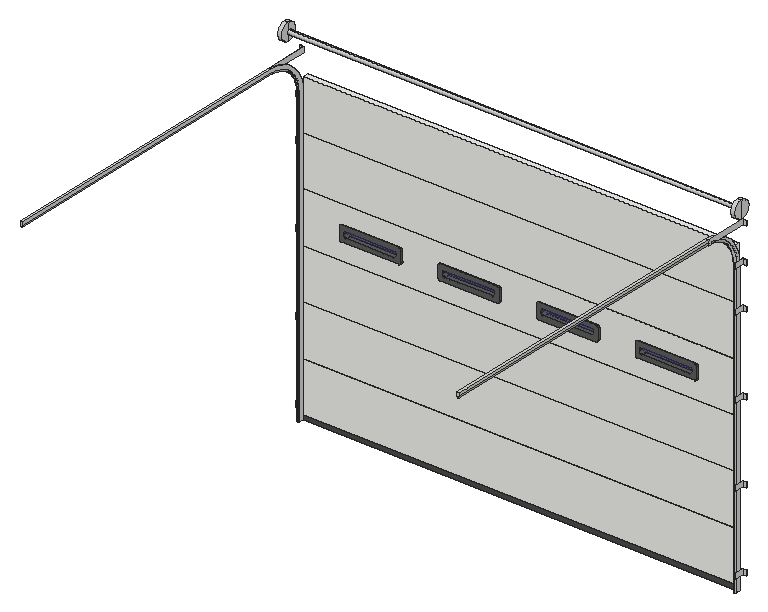
Revit family "Overhead-Sect_HAAS_Res_2400", category Doors, host Wall, Revit 2026
Family settings
  Host = Wall
  Classification Number = 23.30.10.17.37.14
  Always vertical = Yes
  Cut with Voids When Loaded = No
  Shared = No
  Room Calculation Point = No
Parameters
  rearspring = no
  Warranty Duration (Years) = 0
  Viewport Frame Finish [instance] = Finish - Trim - HAAS - Black
  Unit Width [instance] = if(Wood Jamb, Opening Width, Opening Width + 0' 2")  # 14' - 0"
  Wood Jamb [instance] = yes
  URL = "http://www.haasdoor.com/about/index.html"
  U Value = 0
  Type Comments = ""
  Track_High Lift_CHECK WITH HAAS FOR VALUE [instance] = 0' - 7"
  Track [instance] = Steel
  Thickness = 0' - 0"  # constant formula
  Test Data = ""
  Steel Jamb [instance] = not(Wood Jamb)  # no
  Standards Conformance = "as Specified"
  Specification = ""
  SpecWizard = ""
  Send Message = ""
  Sales Information = "http://www.haasdoor.com/locator/index.php"
  Rough Width = 0' - 0"  # constant formula
  Rough Height = 0' - 0"  # constant formula
  Roof Incline Default = 0.00°
  Revision = "R1_2015-11"
  Recycled Content [instance] = "as Specified"
  R-Value = 13.45
  Product Properties = ""
  Product Data = "http://www.arcat.com/arcatcos/cos32/arc32915.html"
  Panel Width [instance] = 14' - 0"
  Panel Thickness = 0' - 2"
  Panel Material_Interior [instance] = Metal - Steel - HAAS - Polar White V-Groove
  Panel Material_Inset Panel [instance] = Metal - Steel - HAAS - Polar White
  Panel Material_Exterior [instance] = Metal - Steel - HAAS - Polar White
  Panel Height [instance] = if(1 = 1, Opening Height, 0' 0")  # 10' - 0"
  Overhead Sectional Style [instance] = Door_Overhead-Sectional-Panel_Haas_No-Inset-Panels : Design B
  Operation = "Overhead Sectional"
  Opening Width [instance] = 14' - 0"
  Opening Height [instance] = 10' - 0"
  Track Type [instance] = Tracks_Standard-Lift : Tracks_Standard-Lift
  Model = ""
  Max Width = 0' - 0"
  Max Height = 0' - 0"
  Manufacturer Website = "http://www.haasdoor.com/about/index.html"
  Manufacturer Phone - Toll Free = ""
  Manufacturer Phone = "419-337-9900"
  Manufacturer Fax = "800-874-4227"
  Manufacturer Address = "320 Sycamore Rd. Wauseon, OH 43567"
  Manufacturer = "Haas Door Co."
  Maintenance Schedule (Months) = 0
  Keynote = "08360"
  Interior Skin = "as Specified"
  Installation-Fabrication = ""
  Installation Phase = ""
  Green Building-LEED = ""
  Viewport Glazing [instance] = Glass
  Function = 1
  Height = 0' - 0"  # constant formula
  Wall Closure = (empty or 0)
  Width = 0' - 0"  # constant formula
  Fire Rating = ""
  Exterior Skin = "as Specified"
  Expected Lifespan (Years) = 0
  End Stile Type = "as Specified"
  Drawn By = "Sumex Design, Inc."
  Description = "Haas Residential Overhead Sectional Door - 2400 Series"
  Cost = 0
  Copyright = "©Arcat Inc."  # constant formula
  Construction Type = ""
  Construction Details = ""
  Building Codes = ""
  Bottom Seal Color [instance] = Finish - Weather Seal - HAAS - Black
  Assembly Code = "B2030410"
  AAMA Designation = "as Specified"
  3in Track [instance] = not([2in Track])  # no
  2in Track [instance] = yes
Reference planes (in)
  plane 1 "Center (Front/Back)": y = 0
  plane 2 "Center (Left/Right)": x = 0
  plane 3 "Left": x = -84
  plane 4 "Right": x = 84
  plane 5 "Top": z = 120
  plane 6 "Exterior": y = 3
  plane 7 "Interior": y = -3
  plane 8: z = 2
  plane 9 "Back of Panel": y = -5
  plane 10: y = -4
  plane 11 "Track": y = -4.625
Lines and regions (in)
  Opening 1
    outline origin (-90, -3, 0) x (1, 0, 0) y (0, 0, 1)
      loop
        line (6, 0) -> (174, 0) -> (174, 120) -> (6, 120) -> (6, 0)
Text (in)
  text "Exterior" at (-74.96733, 27.31104, 0), in view "Ref. Level"
  text "Interior" at (-74.96733, -25.14366, 0), in view "Ref. Level"
  text "Exterior" at (0, 40.15149, 123.01588), in view "Right"
  text "Interior" at (0, -64.39139, 123.01588), in view "Right"
  text "Interior" at (0, -31.01599, 123.00693), in view "Left"
  text "Exterior" at (0, 54.57065, 123.00693), in view "Left"
Dimensions and locks (in)
  equal spacing: plane 3 "Left", plane 2 "Center (Left/Right)", plane 4 "Right"
  "Opening Height": level to plane 5 "Top"
  "Opening Width": plane 3 "Left" to plane 4 "Right"
  plane 8 to level = 0' - 2"
  plane 3 "Left" to plane 4 "Right" = 14' - 0"
  "Panel Thickness": plane 9 "Back of Panel" to plane 7 "Interior"
  equal spacing: plane 9 "Back of Panel", plane 10, plane 7 "Interior"
  locked: plane 11 "Track" to plane 7 "Interior" at 1.625
  aligned and locked: plane 3 "Left" to Opening 1 sketch curve
  aligned and locked: plane 5 "Top" to Opening 1 sketch curve
  aligned and locked: Opening 1 sketch curve to plane 5 "Top"
  aligned and locked: Opening 1 sketch curve to plane 4 "Right"
  aligned and locked: Opening 1 sketch curve to level
  aligned and locked: plane 6 "Exterior" to host wall
  aligned and locked: plane 7 "Interior" to host wall
  aligned and locked: nested 1 to plane 2 "Center (Left/Right)"
  aligned and locked: level to nested 1
  aligned and locked: nested 1 to plane 11 "Track"
  aligned and locked: nested 2 to plane 2 "Center (Left/Right)"
  aligned and locked: plane 10 to nested 2
Nested families (in)
  nested 1: "Tracks_Standard-Lift" at (0, -5.625, 0), Unit Width <- "Unit Width", Opening Height <- "Opening Height", Track <- "Track", Wood Jamb <- "Wood Jamb", 2in Track <- "2in Track", type <- "Track Type", High Lift Height <- "Track_High Lift_CHECK WITH HAAS FOR VALUE", Door Height <- "Panel Height", Rear Mount Spring <- "rearspring", Roof Incline <- "Roof Incline Default", type "Tracks_Standard-Lift"
    with trackradinsetv 0' - 0", trackradinseth 0' - 0", sideroomint 0' - 1 5/8", roofpitchheight 0' - 0", offsettrackradv 1' - 2.73821", offsettrackradh 1' - 2.99772", offset 0' - 0", highliftcalc 0' - 8", breakoutrun 1, breakoutrise 12, breakawaylength 0' - 0", breakaway angle 1.00°, Wood Jamb yes, Unit Width 14' - 0", Unit Depth 0' - 2", Track Radius 1' - 3", Track Offset from Door Edge 0' - 0 1/2", Track Steel, Steel Jamb no, Standard Spring Location yes, Sideroom_Spring 0' - 3", Sideroom_Jambs 0' - 3", Roof Incline 0.00°, Rear Mount Spring no, Opening Width 14' - 0", Opening Height 10' - 0", High Lift Height 0' - 7", Headroom Clearance 1' - 7", Door Height 10' - 0", Breakaway Start 0' - 8", Back Depth 11' - 6", 3in Track no, 2in Track yes, 1 in 12 Breakout yes, 1 5 in 12 Breakout no
  nested 2: "Door_Overhead-Sectional-Panel_Haas_No-Inset-Panels" at (0, -4, 0) x (-1, 0, 0) z (0, 0, 1), Viewport Finish <- "Viewport Frame Finish", Panel Material_Interior <- "Panel Material_Interior", Panel Material_Inset Panel <- "Panel Material_Inset Panel", Panel Material_Exterior <- "Panel Material_Exterior", Viewport Glazing <- "Viewport Glazing", Bottom Seal Color <- "Bottom Seal Color", Panel Width <- "Panel Width", Panel Thickness <- "Panel Thickness", Panel Height <- "Panel Height", type <- "Overhead Sectional Style", type "Design B"
    with Viewport Glazing Glass, Viewport Finish Finish - Trim - HAAS - Black, Unit Width 14' - 0", Unit Height 1' - 7.66667", Panel Width 14' - 0", Panel Thickness 0' - 2", Panel Material_Interior Metal - Steel - HAAS - Polar White V-Groove, Panel Material_Inset Panel Metal - Steel - HAAS - Polar White, Panel Material_Exterior Metal - Steel - HAAS - Polar White, Panel Height 10' - 0", Panel 9 Vis no, Panel 9 Control 0' - 0", Panel 8 Vis no, Panel 8 Control 0' - 0", Panel 7 Vis no, Panel 7 Control 0' - 0", Panel 6 Vis yes, Panel 6 Control 1' - 7.66667", Panel 5 Vis yes, Panel 5 Control 1' - 7.66667", Panel 4 Vis yes, Panel 4 Control 1' - 7.66667", Panel 3 Vis yes, Panel 3 Control 1' - 7.66667", Panel 2 Vis yes, Panel 2 Control 1' - 7.66667", Panel 10 Vis no, Panel 10 Control 0' - 0", Panel 1 Vis yes, Bottom Seal Color Finish - Weather Seal - HAAS - Black
Definition of nested family "Tracks_Standard-Lift"
  Parameters
    trackradinsetv [instance] = Track Radius - (Track Radius * cos(Roof Incline))  # 0' - 0"
    trackradinseth [instance] = Track Radius * sin(Roof Incline)  # 0' - 0"
    sideroomint [instance] = if(Steel Jamb, 0' 3", 0' 1 5/8")  # 0' - 1 5/8"
    roofpitchheight [instance] = (Back Depth) * tan(Roof Incline)  # 0' - 0"
    offsettrackradv [instance] = Track Radius - (Track Radius * sin(breakaway angle))  # 1' - 2.73821"
    offsettrackradh [instance] = Track Radius * cos(breakaway angle)  # 1' - 2.99772"
    offset [instance] = 0' - 0"  # constant formula
    breakoutrun [instance] = if([1 in 12 Breakout], 1, 1.5)  # 1
    breakoutrise [instance] = 12  # constant formula
    breakawaylength [instance] = (Breakaway Start + High Lift Height - Track Radius) / tan(90.00° - breakaway angle)  # 0' - 0.26183"
    breakaway angle [instance] = 1.00°  # constant formula
    Wood Jamb [instance] = yes
    Unit Width [instance] = 8' - 0"
    Unit Depth [instance] = if([2in Track], 0' 2", if([3in Track], 0' 3", 0' 2"))  # 0' - 3"
    URL = ""
    Track Radius [instance] = 1' - 3"
    Track [instance] = none
    Steel Jamb [instance] = not(Wood Jamb)  # no
    Standard Spring Location [instance] = yes
    Specification = ""
    SpecWizard = ""
    Track Offset from Door Edge [instance] = 0' - 0 1/2"
    Sideroom_Spring [instance] = 0' - 3"  # constant formula
    Sideroom_Jambs [instance] = 0' - 3"  # constant formula
    Sales Information = ""
    Roof Incline [instance] = 0.00°
    Revision = ""
    Rear Mount Spring [instance] = yes
    Product Properties = ""
    Product Data = ""
    Opening Width [instance] = if(Wood Jamb, Unit Width, Unit Width - 0' 1")  # 8' - 0"
    Opening Height [instance] = 8' - 0"
    Model = "As Specified"
    Manufacturer = ""
    Keynote = ""
    Installation-Fabrication = ""
    highliftcalc [instance] = if(Headroom Clearance < 5' 4 3/256", Headroom Clearance - 0' 11", if(and(Headroom Clearance > 5' 4", Headroom Clearance < 11' 1 3/256"), Headroom Clearance - 1' 1", if(and(Headroom Clearance > 11' 1", Headroom Clearance < 15' 0 3/256"), Headroom Clearance - 1' 5", 1' 0")))  # 1' - 11"
    High Lift Height [instance] = 1' - 10"
    Headroom Clearance [instance] = High Lift Height + 1' 0"  # 2' - 10"
    Green Building-LEED = ""
    Drawn By = "Sumex Design, Inc. / Robert S. Weygant, CSI, CDT, SCIP"
    Door Height [instance] = 8' - 0"
    Description = ""
    Default Elevation = 0' - 0"  # constant formula
    Copyright = "©Arcat Inc."
    Construction Details = ""
    Breakaway Start [instance] = if([1 in 12 Breakout], 0' 8", if([1 5 in 12 Breakout], 1' 2", 1' 0"))  # 0' - 8"
    Back Depth [instance] = Door Height + 1' 6"  # 9' - 6"
    Assembly Code = ""
    3in Track [instance] = not([2in Track])  # yes
    2in Track [instance] = no
    1 in 12 Breakout [instance] = yes
    1 5 in 12 Breakout [instance] = not([1 in 12 Breakout])  # no
  Reference planes (in)
    plane 1 "Center (Front/Back)": y = 0
    plane 2 "Bottom": z = 0
    plane 3 "Center (Left/Right)": x = 0
    plane 4 "Front": y = -1.5
    plane 5 "Back": y = 1.5
    plane 6 "Left": x = -48
    plane 7 "Right": x = 48
    plane 8 "Top": z = 121
    plane 9: z = 96
    plane 10: x = -48
    plane 11: x = 48
    plane 12: z = 130
    plane 13: y = -110.875
    plane 14: y = -13.49772
    plane 15: z = 106.26179
    plane 16 "Origin": y = 3.125
    plane 17: z = 74
    plane 18: z = 51.33333
    plane 19: z = 28.66667
    plane 20: z = 6
    plane 21: z = 97.13089
    plane 22: x = 51
    plane 23: x = -51
    plane 24 "Drum CL": y = -1.875
    plane 25: z = 106
    plane 26: z = 118
    plane 27: y = -13.49772
    plane 28: z = 121
    plane 29: x = -49.625
    plane 30: x = 49.625
  Forms (in)
    Extrusion 1, solid, material <- "Track", visible <- "Wood Jamb"
      sketch origin (0, 0, 0) x (1, 0, 0) y (0, 1, 0)
        loop
          line (-49.5, -13.49772) -> (-49.5, 3.125) -> (-51, 3.125) -> (-51, 3) -> (-49.625, 3) -> (-49.625, -13.49772) -> (-49.5, -13.49772)
        loop
          line (49.5, -13.49772) -> (49.625, -13.49772) -> (49.625, 3) -> (51, 3) -> (51, 3.125) -> (49.5, 3.125) -> (49.5, -13.49772)
      from 0 to 121
    Extrusion 2, void
      sketch origin (0, 0, 0) x (0, 1, 0) y (0, 0, 1)
        loop
          line (-1.5, 5) -> (-1.5, 7) -> (3.125, 7) -> (3.125, 27.66667) -> (-1.5, 27.66667) -> (-1.5, 29.66667) -> (3.125, 29.66667) -> (3.125, 50.33333) -> (-1.5, 50.33333) -> (-1.5, 52.33333) -> (3.125, 52.33333) -> (3.125, 73) -> (-1.5, 73) -> (-1.5, 75) -> (3.125, 75) -> (3.125, 105.26179) -> (-1.5, 105.26179) -> (-1.5, 107.26179) -> (3.125, 107.26179) -> (3.125, 119) -> (-13.49772, 119) -> (-13.49772, 0) -> (3.125, 0) -> (3.125, 5) -> (-1.5, 5)
      from -51 to 51
    Extrusion 3, solid, material <- "Track", visible <- "Steel Jamb"
      sketch origin (0, 0, 0) x (1, 0, 0) y (0, 1, 0)
        loop
          line (-51, 3.125) -> (-51, -13.49772) -> (-50.875, -13.49772) -> (-50.875, 3) -> (-48.375, 3) -> (-48.375, 3.125) -> (-51, 3.125)
        loop
          line (51, 3.125) -> (48.375, 3.125) -> (48.375, 3) -> (50.875, 3) -> (50.875, -13.49772) -> (51, -13.49772) -> (51, 3.125)
      from 0 to 121
    Revolve 4, solid, material <- "Track"
      sketch origin (0, -1.875, 0) x (0, 0, -1) y (1, 0, 0)
        loop
          line (-130, -53) -> (-126.75, -53) -> (-126.75, 53) -> (-130, 53) -> (-130, 51.5) -> (-127.5, 51.5) -> (-127.5, -51.5) -> (-130, -51.5) -> (-130, -53)
        axis (-126.75, 53) -> (-126.75, -53)
      angle from 0 to 360
    Sweep 5, solid, material <- "Track"
      path origin (0, 0, 0) x (0, 1, 0) y (0, 0, 1)
        loop
          line (1.5, 0) -> (1.5, 106.26179)
          arc (1.5, 106.26179) -> (-2.98408, 116.69876) -> (-13.49772, 121) r 15
          line (-13.49772, 121) -> (-110.875, 121)
      profile origin (0, -62.18636, 121) x (0, 0, -1) y (1, 0, 0)
        loop
          line (2.62111, -48.5) -> (0, -48.5) -> (0, -49.5) -> (2.25, -49.5)
          arc (2.25, -49.5) -> (2.68414, -49.38263) -> (3, -49.0625) r 0.86161
          line (3, -49.0625) -> (3, -48.71875) -> (2.62111, -48.5)
    Sweep 6, solid, material <- "Track"
      path origin (0, 0, 0) x (0, 1, 0) y (0, 0, 1)
        loop
          line (1.5, 0) -> (1.5, 106.26179)
          arc (1.5, 106.26179) -> (-2.98408, 116.69876) -> (-13.49772, 121) r 15
          line (-13.49772, 121) -> (-110.875, 121)
      profile origin (0, -62.18636, 121) x (0, 0, -1) y (1, 0, 0)
        loop
          line (0, 49.5) -> (0, 48.5) -> (2.62111, 48.5) -> (3, 48.71875) -> (3, 49.0625)
          arc (3, 49.0625) -> (2.68414, 49.38263) -> (2.25, 49.5) r 0.86161
          line (2.25, 49.5) -> (0, 49.5)
  Cuts and joins
    Extrusion 2 cuts Extrusion 1
    Extrusion 2 cuts Extrusion 3
  Lines and regions (in)
    reference lines
      curve 1: arc (0, 0.25, 112.00003) -> (0, -5.28189, 118.54991) -> (0, -13.49772, 121) r 15
      curve 2: line (0, -13.49772, 121) -> (0, -110.875, 121)
  Text (in)
    text "OPENING" at (0, 24.81124, 52.10269), in view "Right"
    text "STANDARD LIFT" at (0, 24.81124, 118.55424), in view "Right"
  Dimensions and locks (in)
    equal spacing: plane 6 "Left", plane 3 "Center (Left/Right)", plane 7 "Right"
    "Unit Width": plane 6 "Left" to plane 7 "Right"
    equal spacing: plane 5 "Back", plane 1 "Center (Front/Back)", plane 4 "Front"
    "Unit Depth": plane 5 "Back" to plane 4 "Front"
    equal spacing: plane 10, plane 3 "Center (Left/Right)", plane 11
    "Opening Width": plane 10 to plane 11
    "Headroom Clearance": plane 12 to plane 9
    "Back Depth": plane 13 to plane 16 "Origin"
    "offsettrackradv": plane 8 "Top" to plane 15
    locked: plane 16 "Origin" to plane 5 "Back" at 1.625
    "Sideroom_Jambs": Extrusion 1 sketch curve to plane 10
    "Sideroom_Jambs": plane 11 to Extrusion 1 sketch curve
    locked: plane 20 to level at 6
    equal spacing: plane 17, plane 18, plane 19, plane 20
    Extrusion 2 sketch curve to plane 20 to Extrusion 2 sketch curve = 0' - 1" locked, 0' - 1" locked
    Extrusion 2 sketch curve to plane 19 to Extrusion 2 sketch curve = 0' - 1" locked, 0' - 1" locked
    Extrusion 2 sketch curve to plane 18 to Extrusion 2 sketch curve = 0' - 1" locked, 0' - 1" locked
    Extrusion 2 sketch curve to plane 17 to Extrusion 2 sketch curve = 0' - 1" locked, 0' - 1" locked
    Extrusion 2 sketch curve to plane 15 to Extrusion 2 sketch curve = 0' - 1" locked, 0' - 1" locked
    "Sideroom_Spring": plane 23 to plane 10
    "Sideroom_Spring": plane 11 to plane 22
    locked: Extrusion 3 sketch curve to plane 10 at 0.375
    locked: plane 11 to Extrusion 3 sketch curve at 0.375
    locked: plane 24 "Drum CL" to plane 16 "Origin" at 5
    locked: Revolve 4 sketch curve to plane 10 at 5
    locked: plane 11 to Revolve 4 sketch curve at 5
    locked: Revolve 4 sketch curve to Revolve 4 sketch curve at 1.5  (x2)
    locked: Revolve 4 sketch curve to Revolve 4 sketch curve at 0.75
    locked: Revolve 4 sketch curve to Revolve 4 sketch curve at 3.25  (x2)
    locked: Extrusion 1 sketch curve to Extrusion 1 sketch curve at 0.125
    "Opening Height": plane 9 to level
    "Track Radius": plane 8 "Top" to plane 25
    "High Lift Height": plane 26 to plane 9
    "Unit Depth": plane 8 "Top" to plane 26
    "offsettrackradh": plane 14 to plane 5 "Back"
    "trackradinseth": plane 14 to plane 27
    "trackradinsetv": plane 8 "Top" to plane 28
    "Unit Depth": Sweep 5 sketch curve to Sweep 5 sketch curve
    locked: plane 8 "Top" to Extrusion 2 sketch curve at 2
    "Unit Depth": Sweep 6 sketch curve to Sweep 6 sketch curve
    Extrusion 1 sketch curve to Extrusion 1 sketch curve to plane 10 = 0' - 0 1/8" locked, 0' - 1 1/2" locked
    equal spacing: Sweep 5 sketch curve, Sweep 5 sketch curve, Sweep 5 sketch curve, Sweep 5 sketch curve, plane 10
    equal spacing: plane 11, Sweep 6 sketch curve, Sweep 6 sketch curve, Sweep 6 sketch curve, Sweep 6 sketch curve
    "sideroomint": plane 29 to plane 10
    plane 29 to Sweep 5 sketch curve to Sweep 5 sketch curve to Sweep 5 sketch curve to Sweep 5 sketch curve = 0' - 0 1/8" locked, 0' - 0 7/16" locked, 0' - 0 11/32" locked, 0' - 0 7/32" locked
    "Sideroom_Jambs": Extrusion 3 sketch curve to plane 10
    locked: Extrusion 3 sketch curve to Extrusion 3 sketch curve at 0.125  (x2)
    "Sideroom_Jambs": plane 11 to Extrusion 3 sketch curve
    locked: plane 11 to Extrusion 1 sketch curve at 1.5
    "sideroomint": plane 11 to plane 30
    Sweep 6 sketch curve to Sweep 6 sketch curve to Sweep 6 sketch curve to Sweep 6 sketch curve to plane 30 = 0' - 0 7/32" locked, 0' - 0 11/32" locked, 0' - 0 7/16" locked, 0' - 0 1/8" locked
    locked: Revolve 4 sketch curve to plane 26 at 8.75
    locked: plane 9 to plane 17 at 22
    "Track Radius": radius of curve 1
    "Track Radius": radius of Sweep 6 sketch curve
    "Roof Incline": angle curve 2 to plane 28
    "Roof Incline": angle Sweep 5 sketch curve to plane 28
    "Roof Incline": angle Sweep 6 sketch curve to plane 28
    aligned and locked: plane 14 to Extrusion 1 sketch curve
    aligned and locked: Extrusion 1 sketch curve to plane 14
    aligned and locked: Extrusion 2 sketch curve to plane 14
    aligned and locked: Extrusion 2 sketch curve to plane 16 "Origin"
    aligned and locked: plane 4 "Front" to Extrusion 2 sketch curve  (x4)
    aligned and locked: Extrusion 2 sketch curve to plane 4 "Front"
    aligned and locked: plane 23 to Extrusion 2
    aligned and locked: Extrusion 2 to plane 22
    aligned and locked: Extrusion 3 sketch curve to plane 14
    aligned and locked: plane 14 to Extrusion 3 sketch curve
    aligned and locked: Revolve 4 sketch curve to Revolve 4 sketch curve
    aligned and locked: plane 27 to curve 1
    aligned and locked: plane 25 to curve 1
    aligned and locked: plane 14 to curve 1
    aligned and locked: plane 13 to curve 2
    aligned and locked: Sweep 5 sketch curve to curve 1
    aligned and locked: plane 13 to Sweep 5 sketch curve
    aligned and locked: plane 27 to Sweep 5 sketch curve
    aligned and locked: plane 8 "Top" to Extrusion 3
    aligned and locked: plane 8 "Top" to Extrusion 1
    aligned and locked: plane 13 to Sweep 6 sketch curve
    aligned and locked: plane 15 to Sweep 5 sketch curve
    aligned and locked: plane 27 to Sweep 6 sketch curve
    aligned and locked: plane 28 to Sweep 6 sketch curve
    aligned and locked: plane 15 to Sweep 6 sketch curve
    aligned and locked: plane 5 "Back" to Sweep 6 sketch curve
  Automatic sketch dimensions
    Extrusion 1 sketch curve to plane 16 "Origin" = 0' - 0"  (x2)
    Extrusion 1 sketch curve to plane 16 "Origin" = 0' - 0 1/8"  (x2)
    Extrusion 3 sketch curve to plane 16 "Origin" = 0' - 0"  (x2)
    Extrusion 3 sketch curve to plane 16 "Origin" = 0' - 0 1/8"  (x2)
    Revolve 4 sketch curve to Revolve 4 sketch curve = 0' - 0"
    Revolve 4 sketch curve to Revolve 4 sketch curve = 0' - 3"
    Sweep 5 sketch curve to level = 0' - 0"
    Sweep 5 sketch curve to profile plane = 0' - 0"
    Sweep 5 sketch curve to Sweep 5 sketch curve = 0' - 0.37111"
    Sweep 5 sketch curve to Sweep 5 sketch curve = 0' - 0.13839"
    Sweep 6 sketch curve to profile plane = 0' - 0"
    Sweep 6 sketch curve to Sweep 6 sketch curve = 0' - 0.37111"
    Sweep 6 sketch curve to Sweep 6 sketch curve = 0' - 0.13839"
    curve 1 to plane 1 "Center (Front/Back)" = 0' - 0 1/4"
    Sweep 6 sketch curve to level = 0' - 0"
    Extrusion 2 sketch curve to plane 16 "Origin" = 0' - 0"  (x5)
    Extrusion 2 sketch curve to level = 0' - 0"
Definition of nested family "Door_Overhead-Sectional-Panel_Haas_No-Inset-Panels"
  Parameters
    Width = 10' - 0"
    Viewport Finish [instance] = none
    Unit Width [instance] = Panel Width  # 10' - 0"
    Unit Height [instance] = if(Number Panels > 3, ((Panel Height - 0' 2") / Number Panels), ((Panel Height - 0' 2") / 4))  # 1' - 7.66667"
    Thickness = 0' - 3"
    Section Type_Row 10 = HAAS_Section_Flush : Standard
    Section Type_Row 9 = HAAS_Section_Flush : Standard
    Section Type_Row 8 = HAAS_Section_Flush : Standard
    Section Type_Row 7 = HAAS_Section_Flush : Standard
    Section Type_Row 6 = HAAS_Section_Flush : Standard
    Section Type_Row 5 = HAAS_Section_Flush : Standard
    Section Type_Row 4 = HAAS_Section_Flush : Standard
    Section Type_Row 3 = HAAS_Section_Flush : Standard
    Section Type_Row 2 = HAAS_Section_Flush : Standard
    Section Type_Row 1 = HAAS_Section_Flush : Standard
    Panel Width [instance] = 10' - 0"
    Panel Thickness [instance] = 0' - 3"
    Panel Material_Interior [instance] = none
    Panel Material_Inset Panel [instance] = none
    Panel Material_Exterior [instance] = none
    Panel Height [instance] = 10' - 0"
    Panel 9 Vis [instance] = Number Panels > 8  # no
    Panel 9 Control [instance] = if(Panel 9 Vis, Unit Height, 0' 0")  # 0' - 0"
    Panel 8 Vis [instance] = Number Panels > 7  # no
    Panel 8 Control [instance] = if(Panel 8 Vis, Unit Height, 0' 0")  # 0' - 0"
    Panel 7 Vis [instance] = Number Panels > 6  # no
    Panel 7 Control [instance] = if(Panel 7 Vis, Unit Height, 0' 0")  # 0' - 0"
    Panel 6 Vis [instance] = Number Panels > 5  # yes
    Panel 6 Control [instance] = if(Panel 6 Vis, Unit Height, 0' 0")  # 1' - 7.66667"
    Panel 5 Vis [instance] = Number Panels > 4  # yes
    Panel 5 Control [instance] = if(Panel 5 Vis, Unit Height, 0' 0")  # 1' - 7.66667"
    Panel 4 Vis [instance] = Number Panels > 3  # yes
    Panel 4 Control [instance] = if(Panel 4 Vis, Unit Height, 0' 0")  # 1' - 7.66667"
    Panel 3 Vis [instance] = Number Panels > 2  # yes
    Panel 3 Control [instance] = if(Panel 3 Vis, Unit Height, 0' 0")  # 1' - 7.66667"
    Panel 2 Vis [instance] = Number Panels > 1  # yes
    Panel 2 Control [instance] = if(Panel 2 Vis, Unit Height, 0' 0")  # 1' - 7.66667"
    Panel 10 Vis [instance] = Number Panels > 9  # no
    Panel 10 Control [instance] = if(Panel 10 Vis, Unit Height, 0' 0")  # 0' - 0"
    Panel 1 Vis [instance] = Number Panels > 0  # yes
    Number Panels = 6
    Viewport Glazing [instance] = none
    Height = 8' - 0"
    End Stile Width_CONTACT HAAS FOR VALUE = 0' - 0"
    Default Elevation = 4' - 0"
    Bottom Seal Color [instance] = none
  Reference planes (in)
    plane 1 "Center (Front/Back)": y = 0
    plane 2: z = 0
    plane 3 "Center (Left/Right)": x = 0
    plane 4 "Left": x = -60
    plane 5 "Right": x = 60
    plane 6 "Back": y = 1.5
    plane 7 "Front": y = -1.5
    plane 8 "1T": z = 21.66667
    plane 9 "1B": z = 2
    plane 10: z = 41.33333
    plane 11 "2B": z = 21.66667
    plane 12: z = 61
    plane 13 "3B": z = 41.33333
    plane 14: z = 80.66667
    plane 15 "4B": z = 61
    plane 16: z = 100.33333
    plane 17 "5B": z = 80.66667
    plane 18: z = 120
    plane 19 "6B": z = 100.33333
    plane 20: z = 120
    plane 21 "7B": z = 100.33333
    plane 22: z = 120
    plane 23 "8B": z = 100.33333
    plane 24: z = 120
    plane 25 "9B": z = 100.33333
    plane 26: z = 120
    plane 27 "10B": z = 100.33333
  Forms (in)
    Extrusion 1, solid, material <- "Bottom Seal Color"
      sketch origin (0, 0, 0) x (0, 1, 0) y (0, 0, 1)
        loop
          line (-1.375, 2) -> (-1.375, 0) -> (1.375, 0) -> (1.375, 2) -> (-1.375, 2)
      from -60 to 60
  Dimensions and locks (in)
    equal spacing: plane 4 "Left", plane 3 "Center (Left/Right)", plane 5 "Right"
    "Panel Width": plane 4 "Left" to plane 5 "Right"
    equal spacing: plane 6 "Back", plane 1 "Center (Front/Back)", plane 7 "Front"
    "Panel Thickness": plane 6 "Back" to plane 7 "Front"
    "Unit Height": plane 8 "1T" to plane 9 "1B"
    "Unit Height": plane 10 to plane 11 "2B"
    "Unit Height": plane 12 to plane 13 "3B"
    "Unit Height": plane 14 to plane 15 "4B"
    "Unit Height": plane 16 to plane 17 "5B"
    "Unit Height": plane 18 to plane 19 "6B"
    "Unit Height": plane 20 to plane 21 "7B"
    "Unit Height": plane 22 to plane 23 "8B"
    "Unit Height": plane 24 to plane 25 "9B"
    "Unit Height": plane 26 to plane 27 "10B"
    locked: plane 9 "1B" to level at 2
    "Panel 2 Control": plane 11 "2B" to plane 9 "1B"
    "Panel 3 Control": plane 13 "3B" to plane 11 "2B"
    "Panel 4 Control": plane 15 "4B" to plane 13 "3B"
    "Panel 5 Control": plane 17 "5B" to plane 15 "4B"
    "Panel 6 Control": plane 19 "6B" to plane 17 "5B"
    "Panel 7 Control": plane 21 "7B" to plane 19 "6B"
    "Panel 8 Control": plane 23 "8B" to plane 21 "7B"
    "Panel 9 Control": plane 25 "9B" to plane 23 "8B"
    "Panel 10 Control": plane 27 "10B" to plane 25 "9B"
    locked: Extrusion 1 sketch curve to plane 6 "Back" at 0.125
    locked: plane 7 "Front" to Extrusion 1 sketch curve at 0.125
    aligned and locked: plane 2 to level
    aligned and locked: plane 3 "Center (Left/Right)" to nested 1
    aligned and locked: plane 3 "Center (Left/Right)" to nested 2
    aligned and locked: plane 3 "Center (Left/Right)" to nested 3
    aligned and locked: plane 3 "Center (Left/Right)" to nested 4
    aligned and locked: plane 3 "Center (Left/Right)" to nested 5
    aligned and locked: plane 3 "Center (Left/Right)" to nested 6
    aligned and locked: plane 3 "Center (Left/Right)" to nested 7
    aligned and locked: plane 3 "Center (Left/Right)" to nested 8
    aligned and locked: plane 3 "Center (Left/Right)" to nested 9
    aligned and locked: plane 3 "Center (Left/Right)" to nested 10
    aligned and locked: plane 1 "Center (Front/Back)" to nested 1
    aligned and locked: plane 1 "Center (Front/Back)" to nested 2
    aligned and locked: plane 1 "Center (Front/Back)" to nested 3
    aligned and locked: plane 1 "Center (Front/Back)" to nested 4
    aligned and locked: nested 5 to plane 1 "Center (Front/Back)"
    aligned and locked: nested 6 to plane 1 "Center (Front/Back)"
    aligned and locked: nested 7 to plane 1 "Center (Front/Back)"
    aligned and locked: nested 8 to plane 1 "Center (Front/Back)"
    aligned and locked: nested 9 to plane 1 "Center (Front/Back)"
    aligned and locked: nested 10 to plane 1 "Center (Front/Back)"
    aligned and locked: plane 5 "Right" to Extrusion 1
    aligned and locked: Extrusion 1 to plane 4 "Left"
  Automatic sketch dimensions
    Extrusion 1 sketch curve to level = 0' - 0"
    Extrusion 1 sketch curve to plane 9 "1B" = 0' - 0"
  Nested families (in)
    nested 1: "HAAS_Section_Flush" at (0, 0, 2), type <- "Section Type_Row 1", visible <- "Panel 1 Vis", Unit Width <- "Unit Width", Unit Height <- "Unit Height", Viewport Glazing <- "Viewport Glazing", Viewport Finish <- "Viewport Finish", Panel Material_Interior <- "Panel Material_Interior", Panel Material_Inset Panel <- "Panel Material_Inset Panel", Panel Material_Exterior <- "Panel Material_Exterior", Unit Depth <- "Panel Thickness", type "Standard"
      with Viewport Glazing none, Viewport Finish none, Unit Width 10' - 0", Unit Height 1' - 7.66667", Unit Depth 0' - 3", Panel Material_Interior none, Panel Material_Inset Panel none, Panel Material_Exterior none
    nested 2: "HAAS_Section_Flush" at (0, 0, 21.66667), type <- "Section Type_Row 2", visible <- "Panel 2 Vis", Unit Width <- "Unit Width", Unit Height <- "Unit Height", Viewport Glazing <- "Viewport Glazing", Viewport Finish <- "Viewport Finish", Panel Material_Interior <- "Panel Material_Interior", Panel Material_Inset Panel <- "Panel Material_Inset Panel", Panel Material_Exterior <- "Panel Material_Exterior", Unit Depth <- "Panel Thickness", type "Standard"
      with Viewport Glazing none, Viewport Finish none, Unit Width 10' - 0", Unit Height 1' - 7.66667", Unit Depth 0' - 3", Panel Material_Interior none, Panel Material_Inset Panel none, Panel Material_Exterior none
    nested 3: "HAAS_Section_Flush" at (0, 0, 41.33333), type <- "Section Type_Row 3", visible <- "Panel 3 Vis", Unit Width <- "Unit Width", Unit Height <- "Unit Height", Viewport Glazing <- "Viewport Glazing", Viewport Finish <- "Viewport Finish", Panel Material_Interior <- "Panel Material_Interior", Panel Material_Inset Panel <- "Panel Material_Inset Panel", Panel Material_Exterior <- "Panel Material_Exterior", Unit Depth <- "Panel Thickness", type "Standard"
      with Viewport Glazing none, Viewport Finish none, Unit Width 10' - 0", Unit Height 1' - 7.66667", Unit Depth 0' - 3", Panel Material_Interior none, Panel Material_Inset Panel none, Panel Material_Exterior none
    nested 4: "HAAS_Section_Flush" at (0, 0, 61), visible <- "Panel 4 Vis", Unit Width <- "Unit Width", Unit Height <- "Unit Height", Viewport Glazing <- "Viewport Glazing", Viewport Finish <- "Viewport Finish", Panel Material_Interior <- "Panel Material_Interior", Panel Material_Inset Panel <- "Panel Material_Inset Panel", Panel Material_Exterior <- "Panel Material_Exterior", type <- "Section Type_Row 4", Unit Depth <- "Panel Thickness", type "Standard"
      with Viewport Glazing none, Viewport Finish none, Unit Width 10' - 0", Unit Height 1' - 7.66667", Unit Depth 0' - 3", Panel Material_Interior none, Panel Material_Inset Panel none, Panel Material_Exterior none
    nested 5: "HAAS_Section_Flush" at (0, 0, 80.66667), type <- "Section Type_Row 5", visible <- "Panel 5 Vis", Unit Width <- "Unit Width", Unit Height <- "Unit Height", Viewport Glazing <- "Viewport Glazing", Viewport Finish <- "Viewport Finish", Panel Material_Interior <- "Panel Material_Interior", Panel Material_Inset Panel <- "Panel Material_Inset Panel", Panel Material_Exterior <- "Panel Material_Exterior", Unit Depth <- "Panel Thickness", type "Standard"
      with Viewport Glazing none, Viewport Finish none, Unit Width 10' - 0", Unit Height 1' - 7.66667", Unit Depth 0' - 3", Panel Material_Interior none, Panel Material_Inset Panel none, Panel Material_Exterior none
    nested 6: "HAAS_Section_Flush" at (0, 0, 100.33333), type <- "Section Type_Row 6", visible <- "Panel 6 Vis", Unit Width <- "Unit Width", Unit Height <- "Unit Height", Viewport Glazing <- "Viewport Glazing", Viewport Finish <- "Viewport Finish", Panel Material_Interior <- "Panel Material_Interior", Panel Material_Inset Panel <- "Panel Material_Inset Panel", Panel Material_Exterior <- "Panel Material_Exterior", Unit Depth <- "Panel Thickness", type "Standard"
      with Viewport Glazing none, Viewport Finish none, Unit Width 10' - 0", Unit Height 1' - 7.66667", Unit Depth 0' - 3", Panel Material_Interior none, Panel Material_Inset Panel none, Panel Material_Exterior none
    nested 7: "HAAS_Section_Flush" at (0, 0, 100.33333), type <- "Section Type_Row 7", visible <- "Panel 7 Vis", Unit Width <- "Unit Width", Unit Height <- "Unit Height", Viewport Glazing <- "Viewport Glazing", Viewport Finish <- "Viewport Finish", Panel Material_Interior <- "Panel Material_Interior", Panel Material_Inset Panel <- "Panel Material_Inset Panel", Panel Material_Exterior <- "Panel Material_Exterior", Unit Depth <- "Panel Thickness", type "Standard"
      with Viewport Glazing none, Viewport Finish none, Unit Width 10' - 0", Unit Height 1' - 7.66667", Unit Depth 0' - 3", Panel Material_Interior none, Panel Material_Inset Panel none, Panel Material_Exterior none
    nested 8: "HAAS_Section_Flush" at (0, 0, 100.33333), type <- "Section Type_Row 8", visible <- "Panel 8 Vis", Unit Width <- "Unit Width", Unit Height <- "Unit Height", Viewport Glazing <- "Viewport Glazing", Viewport Finish <- "Viewport Finish", Panel Material_Interior <- "Panel Material_Interior", Panel Material_Inset Panel <- "Panel Material_Inset Panel", Panel Material_Exterior <- "Panel Material_Exterior", Unit Depth <- "Panel Thickness", type "Standard"
      with Viewport Glazing none, Viewport Finish none, Unit Width 10' - 0", Unit Height 1' - 7.66667", Unit Depth 0' - 3", Panel Material_Interior none, Panel Material_Inset Panel none, Panel Material_Exterior none
    nested 9: "HAAS_Section_Flush" at (0, 0, 100.33333), type <- "Section Type_Row 9", visible <- "Panel 9 Vis", Unit Width <- "Unit Width", Unit Height <- "Unit Height", Viewport Glazing <- "Viewport Glazing", Viewport Finish <- "Viewport Finish", Panel Material_Interior <- "Panel Material_Interior", Panel Material_Inset Panel <- "Panel Material_Inset Panel", Panel Material_Exterior <- "Panel Material_Exterior", Unit Depth <- "Panel Thickness", type "Standard"
      with Viewport Glazing none, Viewport Finish none, Unit Width 10' - 0", Unit Height 1' - 7.66667", Unit Depth 0' - 3", Panel Material_Interior none, Panel Material_Inset Panel none, Panel Material_Exterior none
    nested 10: "HAAS_Section_Flush" at (0, 0, 100.33333), type <- "Section Type_Row 10", visible <- "Panel 10 Vis", Unit Width <- "Unit Width", Unit Height <- "Unit Height", Viewport Glazing <- "Viewport Glazing", Viewport Finish <- "Viewport Finish", Panel Material_Interior <- "Panel Material_Interior", Panel Material_Inset Panel <- "Panel Material_Inset Panel", Panel Material_Exterior <- "Panel Material_Exterior", Unit Depth <- "Panel Thickness", type "Standard"
      with Viewport Glazing none, Viewport Finish none, Unit Width 10' - 0", Unit Height 1' - 7.66667", Unit Depth 0' - 3", Panel Material_Interior none, Panel Material_Inset Panel none, Panel Material_Exterior none
  Definition of nested family "HAAS_Section_Flush"
    Parameters
      Viewport Glazing [instance] = none
      Viewport Finish [instance] = none
      Unit Width [instance] = 10' - 0"
      Unit Height [instance] = 1' - 3.66667"
      Unit Depth [instance] = 0' - 3"
      Panel Material_Interior [instance] = none
      Panel Material_Inset Panel [instance] = none
      Panel Material_Exterior [instance] = none
      Default Elevation = 4' - 0"
    Reference planes (in)
      plane 1 "Center (Front/Back)": y = 0
      plane 2: z = 0
      plane 3 "Center (Left/Right)": x = 0
      plane 4 "Left": x = -60
      plane 5 "Right": x = 60
      plane 6 "Center (Elevation)": z = 7.83333
      plane 7: z = 15.66667
      plane 8 "Back": y = 1.5
      plane 9 "Front": y = -1.5
    Forms (in)
      Extrusion 1, solid, material <- "Panel Material_Exterior"
        sketch origin (0, 0, 0) x (1, 0, 0) y (0, 0, 1)
          loop
            line (-60, 15.66667) -> (-60, 0) -> (60, 0) -> (60, 15.66667) -> (-60, 15.66667)
        from -1.5 to 1.5
    Dimensions and locks (in)
      equal spacing: plane 4 "Left", plane 3 "Center (Left/Right)", plane 5 "Right"
      "Unit Width": plane 4 "Left" to plane 5 "Right"
      equal spacing: plane 7, plane 6 "Center (Elevation)", level
      "Unit Height": plane 7 to level
      equal spacing: plane 8 "Back", plane 1 "Center (Front/Back)", plane 9 "Front"
      "Unit Depth": plane 8 "Back" to plane 9 "Front"
      aligned and locked: plane 2 to level
      aligned and locked: plane 7 to Extrusion 1
      aligned and locked: plane 5 "Right" to Extrusion 1
      aligned and locked: Extrusion 1 to level
      aligned and locked: Extrusion 1 to plane 4 "Left"
      aligned and locked: plane 8 "Back" to Extrusion 1
      aligned and locked: Extrusion 1 to plane 9 "Front"
    Automatic sketch dimensions
      level to Extrusion 1 sketch curve = 0' - 0"
      plane 4 "Left" to Extrusion 1 sketch curve = 0' - 0"
      Extrusion 1 sketch curve to plane 5 "Right" = 0' - 0"
      Extrusion 1 sketch curve to plane 7 = 0' - 0"
